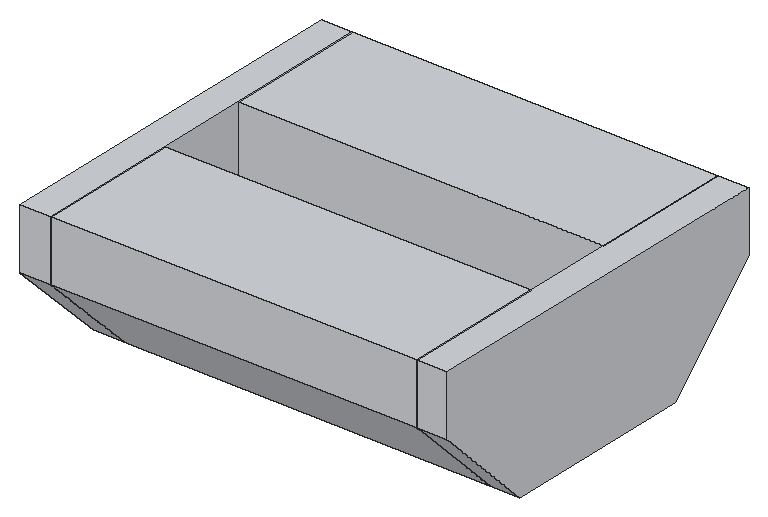
Revit family "GUTTER-Line Based", category Structural Framing, Revit 2017
Family settings
  Structural Framing Length Roundoff = 0 mm
  Section Shape = Not Defined
  Material for Model Behavior = Other
  Always export as geometry = No
  Cut with Voids When Loaded = Yes
  Symbolic Representation = From Family
  Shared = No
  Show family pre-cut in plan views = Yes
Parameters
  built-in parameter 1001306 [instance] = 1200 mm
  HS [instance] = 168.308 mm
  FULL LENGTH [instance] = [built-in parameter 1001306] + 2 * CAP THICKNESS  # 1400 mm
  CAP2 [instance] = yes
  CAP1 [instance] = yes
  CAP THICKNESS = 100 mm
Reference planes
  plane 1 "Center (Front/Back)": y = 0
  plane 2: z = 0
  plane 3 "Left": x = 0
  plane 4 "Right": x = 1200
  plane 5: y = 150
  plane 6: y = -150
  plane 7: z = -300
  plane 8: y = 150
  plane 9: y = -150
  plane 10: z = -300
  plane 11 "NEW LEFT": x = 0
  plane 12: y = 150
  plane 13: y = -150
  plane 14: z = -300
Forms (mm)
  Extrusion 1, solid
    sketch origin (0, 0, 0) x (0, 1, 0) y (0, 0, 1)
      loop
        line (150, 0) -> (150, -300) -> (-150, -300) -> (-150, 0) -> (-618.308, 0) -> (-618.308, -200) -> (-318.308, -500) -> (318.308, -500) -> (618.308, -200) -> (618.308, 0) -> (150, 0)
    from 0 to 1200 <- "built-in parameter 1001306"
  Extrusion 2, solid, visible <- "CAP2"
    sketch origin (0, 0, 0) x (0, -1, 0) y (0, 0, 1)
      loop
        line (618.308, 0) -> (-618.308, 0) -> (-618.308, -200) -> (-318.308, -500) -> (318.308, -500) -> (618.308, -200) -> (618.308, 0)
    from 0 to 100 <- "CAP THICKNESS"
  Extrusion 3, solid, visible <- "CAP1"
    sketch origin (1200, 0, 0) x (0, 1, 0) y (0, 0, 1)
      loop
        line (-618.308, 0) -> (-618.308, -200) -> (-318.308, -500) -> (318.308, -500) -> (618.308, -200) -> (618.308, 0) -> (-618.308, 0)
    from 0 to 100 <- "CAP THICKNESS"
  Extrusion 4, void
    sketch origin (-100, 0, 0) x (0, 1, 0) y (0, 0, 1)
      loop
        line (-618.308, 0) -> (-618.308, -200) -> (-318.308, -500) -> (318.308, -500) -> (618.308, -200) -> (618.308, 0) -> (-618.308, 0)
    from 0 to 1400 <- "FULL LENGTH"
Lines and regions (mm)
  reference lines
    curve 1: line (0, 0, 0) -> (1200, 0, 0)
Dimensions and locks
  "built-in parameter 1001306": plane 3 "Left" to plane 4 "Right"
  locked: Extrusion 1 sketch curve to plane 1 "Center (Front/Back)" at 150
  locked: plane 1 "Center (Front/Back)" to Extrusion 1 sketch curve at 150
  locked: Extrusion 1 sketch curve to Extrusion 1 sketch curve at 200
  "HS": Extrusion 1 sketch curve to Extrusion 1 sketch curve  (x2)
  locked: Extrusion 1 sketch curve to Extrusion 1 sketch curve at 300  (x2)
  locked: Extrusion 2 sketch curve to Extrusion 2 sketch curve at 300  (x2)
  "HS": Extrusion 2 sketch curve to plane 5
  "HS": plane 6 to Extrusion 2 sketch curve
  locked: plane 7 to Extrusion 1 at 200
  locked: Extrusion 3 sketch curve to Extrusion 3 sketch curve at 300  (x2)
  "HS": Extrusion 3 sketch curve to plane 8
  "HS": plane 9 to Extrusion 3 sketch curve
  locked: Extrusion 4 sketch curve to Extrusion 4 sketch curve at 300  (x2)
  "HS": Extrusion 4 sketch curve to plane 12
  "HS": plane 13 to Extrusion 4 sketch curve
  aligned and locked: plane 4 "Right" to curve 1
  aligned and locked: plane 1 "Center (Front/Back)" to curve 1
  aligned and locked: plane 3 "Left" to curve 1
  aligned and locked: level to plane 2
  aligned and locked: plane 5 to Extrusion 1
  aligned and locked: plane 6 to Extrusion 1
  aligned and locked: plane 7 to Extrusion 1
  aligned and locked: plane 11 "NEW LEFT" to plane 3 "Left"
Automatic sketch dimensions
  Extrusion 1 sketch curve to level = 0 mm  (x2)
  Extrusion 1 sketch curve to Extrusion 1 sketch curve = 200 mm
  Extrusion 1 sketch curve to level = 200 mm
  Extrusion 1 sketch curve to level = 300 mm
  Extrusion 2 sketch curve to level = 0 mm
  plane 7 to Extrusion 2 sketch curve = 100 mm  (x2)
  Extrusion 2 sketch curve to plane 7 = 200 mm
  Extrusion 3 sketch curve to level = 0 mm
  plane 10 to Extrusion 3 sketch curve = 100 mm  (x2)
  Extrusion 3 sketch curve to plane 10 = 200 mm
  Extrusion 4 sketch curve to Extrusion 2 = 0 mm  (x3)
  Extrusion 2 to Extrusion 4 sketch curve = 0 mm
